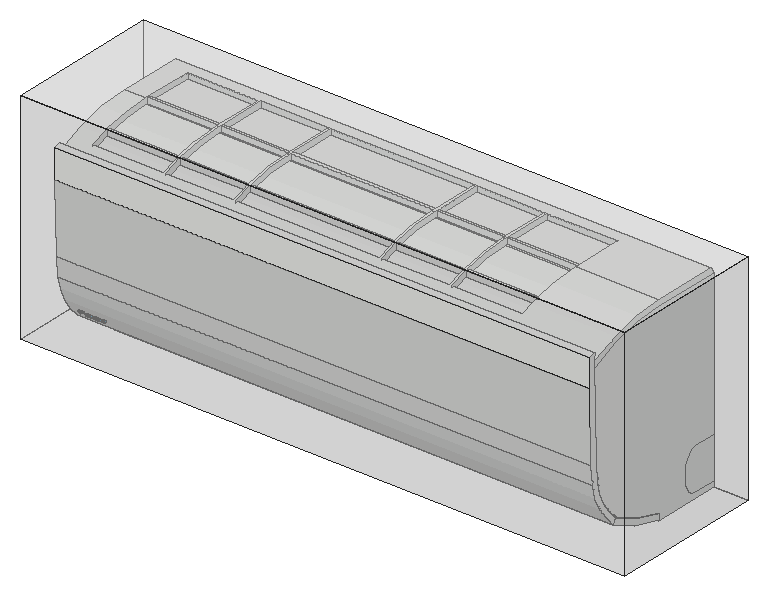
Revit family "outputfile", category 機械設備, Revit 2024 (continued)
Definition of nested family "DAIKIN_indoorunit_CTXM-RVMV"
  Automatic sketch dimensions
    Extrusion 21 sketch curve to Extrusion 21 sketch curve = 74.426 mm
    Extrusion 21 sketch curve to Extrusion 21 sketch curve = 0.483 mm
    Extrusion 21 sketch curve to Extrusion 21 sketch curve = 4.137 mm
    Extrusion 21 sketch curve to Extrusion 21 sketch curve = 31.393 mm
    Extrusion 21 sketch curve to Extrusion 21 sketch curve = 9.215 mm
    Extrusion 21 sketch curve to level = 8.0 mm
    Extrusion 22 sketch curve to plane 1 "Center (Front/Back)" = 0.0 mm
    Extrusion 22 sketch curve to Extrusion 22 sketch curve = 20.0 mm  (x2)
    Extrusion 22 sketch curve to level = 287.035 mm
    Extrusion 23 sketch curve to plane 1 "Center (Front/Back)" = 0.0 mm
    Extrusion 23 sketch curve to Extrusion 23 sketch curve = 20.0 mm  (x2)
    Extrusion 23 sketch curve to level = 287.035 mm
    plane 1 "Center (Front/Back)" to Extrusion 24 sketch curve = 0.0 mm  (x2)
    plane 3 "Center (Left/Right)" to Extrusion 24 sketch curve = 469.0 mm
    Extrusion 24 sketch curve to Extrusion 24 sketch curve = 20.0 mm  (x4)
    Extrusion 24 sketch curve to plane 3 "Center (Left/Right)" = 409.0 mm
  Nested families
    nested 1: "daikin_logo_plane_w40" at (-320, -198.871, -233.244) x (1, 0, 0) z (0, -0.7841, -0.6206), visible <- "switch_unit1_25-35", type "daikin_logo_plane_w40"
      with show_logo yes
    nested 2: "daikin_logo_plane_w40" at (-430, -237.74, -233.244) x (1, 0, 0) z (0, -0.7841, -0.6206), visible <- "switch_unit1_50-71", type "daikin_logo_plane_w40"
      with show_logo yes
  Definition of nested family "daikin_logo_plane_w40"
    Parameters (values of type "daikin_logo_plane_w40")
      width = 40.0 mm
      show_logo [instance] = yes
      material = none
      height = 0.0 mm
      depth = 0.0 mm
      Default Elevation = 1219.2 mm
    Reference planes
      plane 1 "Center (Front/Back)": y = 0
      plane 2: z = 0
      plane 3 "Center (Left/Right)": x = 0
      plane 4: z = 2
      plane 5 "left": x = -19
      plane 6: x = 19
    Forms (mm)
      Extrusion 1, solid, visible <- "show_logo"
        sketch origin (-19, 0, 0) x (1, 0, 0) y (0, 1, 0)
          loop
            line (8.902, -1.878) -> (7.789, -6.332) -> (11.13, -6.332)
            arc (11.13, -6.332) -> (12.454, -6.064) -> (13.472, -5.176) r 2.642
            arc (13.472, -5.176) -> (13.92, -4.02) -> (13.767, -2.79) r 2.537
            arc (13.767, -2.79) -> (13.452, -2.342) -> (12.982, -2.06) r 1.321
            arc (12.982, -2.06) -> (12.063, -1.902) -> (11.13, -1.878) r 6.479
            line (11.13, -1.878) -> (8.902, -1.878)
          loop
            line (10.016, -5.441) -> (10.907, -5.441)
            arc (10.907, -5.441) -> (11.591, -4.983) -> (11.988, -4.261) r 1.742
            spline (11.988, -4.261) -> (12.01, -4.155) -> (12.027, -4.03) -> (12.037, -3.893) -> (12.037, -3.747) -> (12.026, -3.598) -> (12.002, -3.451) -> (11.962, -3.31) -> (11.905, -3.181) -> (11.829, -3.069) -> (11.731, -2.978) -> (11.61, -2.913) -> (11.464, -2.88)
            line (11.464, -2.88) -> (10.573, -2.88) -> (10.016, -5.441)
          loop
            line (13.58, -6.332) -> (14.805, -6.332) -> (15.223, -5.553) -> (16.977, -5.553) -> (17.144, -6.332) -> (19.149, -6.332) -> (18.258, -1.878) -> (16.03, -1.878) -> (13.58, -6.332)
          loop
            line (16.476, -3.214) -> (15.76, -4.551) -> (16.762, -4.551) -> (16.476, -3.214)
          loop
            line (19.705, -6.332) -> (21.599, -6.332) -> (22.712, -1.878) -> (20.819, -1.878) -> (19.705, -6.332)
          loop
            line (22.712, -6.332) -> (24.606, -6.332) -> (24.908, -5.122) -> (25.831, -6.332) -> (28.17, -6.332) -> (26.388, -3.994) -> (28.949, -1.878) -> (26.945, -1.878) -> (25.401, -3.153) -> (25.719, -1.878) -> (23.826, -1.878) -> (22.712, -6.332)
          loop
            line (29.84, -1.878) -> (28.615, -6.332) -> (30.62, -6.332) -> (31.734, -1.878) -> (29.84, -1.878)
          loop
            line (31.734, -6.332) -> (33.07, -6.332) -> (33.7, -3.814) -> (34.518, -6.332) -> (36.745, -6.332) -> (37.859, -1.878) -> (36.523, -1.878) -> (35.845, -4.589) -> (34.963, -1.878) -> (32.847, -1.878) -> (31.734, -6.332)
        from 0 to 2
      Extrusion 2, solid, visible <- "show_logo"
        sketch origin (-19, 0, 0) x (1, 0, 0) y (0, 1, 0)
          loop
            line (8.7, 0) -> (4.235, 0) -> (0, -3.879) -> (0, -8) -> (8.7, 0)
        from 0 to 2
      Extrusion 3, solid, visible <- "show_logo"
        sketch origin (-19, 0, 0) x (1, 0, 0) y (0, 1, 0)
          loop
            line (0, 0) -> (0, -3.879) -> (4.235, 0) -> (0, 0)
        from 0 to 2
    Dimensions and locks
      plane 4 to plane 2 = 2.0 mm
      equal spacing: plane 5 "left", plane 3 "Center (Left/Right)", plane 6
      locked: plane 5 "left" to plane 6 at 38
      aligned and locked: level to plane 2
      aligned and locked: Extrusion 3 to plane 1 "Center (Front/Back)"  (x2)
      aligned and locked: Extrusion 2 to plane 1 "Center (Front/Back)"  (x2)
      aligned and locked: plane 4 to Extrusion 1
      aligned and locked: plane 4 to Extrusion 3
      aligned and locked: plane 4 to Extrusion 2
      aligned and locked: Extrusion 3 to plane 5 "left"
      aligned and locked: Extrusion 2 to plane 5 "left"
    Automatic sketch dimensions
      Extrusion 1 sketch curve to Extrusion 1 sketch curve = 0.901 mm
      Extrusion 1 sketch curve to Extrusion 1 sketch curve = 1.559 mm
      Extrusion 1 sketch curve to Extrusion 1 sketch curve = 1.327 mm
      Extrusion 1 sketch curve to Extrusion 1 sketch curve = 2.145 mm
      Extrusion 1 sketch curve to Extrusion 1 sketch curve = 1.448 mm
      Extrusion 1 sketch curve to Extrusion 1 sketch curve = 2.116 mm
      Extrusion 1 sketch curve to Extrusion 1 sketch curve = 1.114 mm  (x4)
      Extrusion 1 sketch curve to Extrusion 1 sketch curve = 1.336 mm  (x2)
      plane 1 "Center (Front/Back)" to Extrusion 1 sketch curve = 1.878 mm  (x5)
      Extrusion 1 sketch curve to Extrusion 1 sketch curve = 1.893 mm  (x5)
      Extrusion 1 sketch curve to Extrusion 1 sketch curve = 0.891 mm  (x4)
      Extrusion 1 sketch curve to Extrusion 1 sketch curve = 2.005 mm  (x3)
      Extrusion 1 sketch curve to Extrusion 1 sketch curve = 0.445 mm  (x2)
      plane 1 "Center (Front/Back)" to Extrusion 1 sketch curve = 3.994 mm
      Extrusion 1 sketch curve to Extrusion 1 sketch curve = 0.557 mm  (x2)
      Extrusion 1 sketch curve to Extrusion 1 sketch curve = 2.339 mm  (x2)
      Extrusion 1 sketch curve to Extrusion 1 sketch curve = 1.225 mm  (x3)
      plane 1 "Center (Front/Back)" to Extrusion 1 sketch curve = 3.153 mm
      Extrusion 1 sketch curve to Extrusion 1 sketch curve = 0.987 mm
      plane 1 "Center (Front/Back)" to Extrusion 1 sketch curve = 5.122 mm
      Extrusion 1 sketch curve to Extrusion 1 sketch curve = 0.922 mm
      plane 1 "Center (Front/Back)" to Extrusion 1 sketch curve = 6.332 mm
      Extrusion 1 sketch curve to Extrusion 1 sketch curve = 2.562 mm
      plane 1 "Center (Front/Back)" to Extrusion 1 sketch curve = 5.553 mm
      Extrusion 1 sketch curve to Extrusion 1 sketch curve = 0.167 mm
      Extrusion 1 sketch curve to Extrusion 1 sketch curve = 0.215 mm
      plane 1 "Center (Front/Back)" to Extrusion 1 sketch curve = 3.214 mm
      Extrusion 1 sketch curve to Extrusion 1 sketch curve = 0.286 mm
      plane 1 "Center (Front/Back)" to Extrusion 1 sketch curve = 4.551 mm
      Extrusion 1 sketch curve to Extrusion 1 sketch curve = 1.002 mm
      Extrusion 1 sketch curve to Extrusion 1 sketch curve = 0.537 mm
      Extrusion 1 sketch curve to Extrusion 1 sketch curve = 0.418 mm
      Extrusion 1 sketch curve to Extrusion 1 sketch curve = 1.028 mm
      plane 1 "Center (Front/Back)" to Extrusion 1 sketch curve = 4.261 mm
      Extrusion 1 sketch curve to Extrusion 1 sketch curve = 0.563 mm
      plane 1 "Center (Front/Back)" to Extrusion 1 sketch curve = 2.88 mm
      Extrusion 1 sketch curve to Extrusion 1 sketch curve = 1.088 mm
      Extrusion 1 sketch curve to Extrusion 1 sketch curve = 2.152 mm
      Extrusion 1 sketch curve to Extrusion 1 sketch curve = 0.586 mm
      Extrusion 1 sketch curve to Extrusion 1 sketch curve = 0.118 mm
      Extrusion 1 sketch curve to Extrusion 1 sketch curve = 0.298 mm
      Extrusion 1 sketch curve to Extrusion 1 sketch curve = 0.334 mm
      Extrusion 1 sketch curve to Extrusion 1 sketch curve = 0.223 mm
      Extrusion 1 sketch curve to Extrusion 1 sketch curve = 0.266 mm
      Extrusion 1 sketch curve to Extrusion 1 sketch curve = 1.671 mm
      Extrusion 1 sketch curve to Extrusion 1 sketch curve = 2.227 mm
      Extrusion 1 sketch curve to Extrusion 1 sketch curve = 0.0 mm  (x7)
      Extrusion 1 sketch curve to Extrusion 1 sketch curve = 3.453 mm
      Extrusion 1 sketch curve to Extrusion 1 sketch curve = 2.017 mm
      Extrusion 1 sketch curve to Extrusion 1 sketch curve = 0.78 mm  (x2)
      Extrusion 1 sketch curve to Extrusion 1 sketch curve = 1.743 mm
      Extrusion 1 sketch curve to Extrusion 1 sketch curve = 0.775 mm
      Extrusion 1 sketch curve to Extrusion 1 sketch curve = 0.552 mm
      Extrusion 1 sketch curve to Extrusion 1 sketch curve = 0.014 mm
      Extrusion 1 sketch curve to Extrusion 1 sketch curve = 0.952 mm
      Extrusion 1 sketch curve to Extrusion 1 sketch curve = 1.215 mm
      Extrusion 1 sketch curve to Extrusion 1 sketch curve = 0.108 mm
      plane 1 "Center (Front/Back)" to Extrusion 2 sketch curve = 0.0 mm
      Extrusion 2 sketch curve to plane 3 "Center (Left/Right)" = 19.0 mm
      Extrusion 2 sketch curve to plane 3 "Center (Left/Right)" = 14.765 mm
      Extrusion 2 sketch curve to Extrusion 2 sketch curve = 4.465 mm
      plane 1 "Center (Front/Back)" to Extrusion 2 sketch curve = 3.879 mm
      Extrusion 2 sketch curve to Extrusion 2 sketch curve = 4.12 mm
      plane 1 "Center (Front/Back)" to Extrusion 3 sketch curve = 0.0 mm
      Extrusion 3 sketch curve to plane 3 "Center (Left/Right)" = 19.0 mm
      Extrusion 3 sketch curve to plane 3 "Center (Left/Right)" = 14.765 mm
      plane 1 "Center (Front/Back)" to Extrusion 3 sketch curve = 3.879 mm
      Extrusion 1 sketch curve to plane 3 "Center (Left/Right)" = 11.211 mm
      Extrusion 1 sketch curve to Extrusion 1 sketch curve = 1.782 mm
Definition of nested family "daikin_connector_rotate3"
  Parameters (values of type "daikin_connector_rotate3")
    show [instance] = yes
    radius [instance] = 10.0 mm
    length [instance] = 600.0 mm
    angle_horizontal [instance] = 60.00°
    angle_vertical [instance] = 90.00°
    Default Elevation = 1219.2 mm
  Reference planes
    plane 1 "Center (Front/Back)": y = 0
    plane 2: z = 0
    plane 3 "Center (Left/Right)": x = 0
  Dimensions and locks
    "angle_horizontal": angle plane 3 "Center (Left/Right)" to nested 1
    aligned and locked: level to plane 2
    aligned and locked: plane 1 "Center (Front/Back)" to nested 1  (x2)
    aligned and locked: plane 3 "Center (Left/Right)" to nested 1
  Nested families
    nested 1: "daikin_connector_rotate2" at (0, 0, 0) x (0.5, 0.866, 0) z (0, 0, 1), angle_vertical <- "angle_vertical", length <- "length", radius <- "radius", type "daikin_connector_rotate2"
      with radius 10.0 mm, length 600.0 mm, angle_vertical 90.00°
  Definition of nested family "daikin_connector_rotate2"
    Parameters (values of type "daikin_connector_rotate2")
      show_face = yes
      radius [instance] = 10.0 mm
      length [instance] = 600.0 mm
      d_surface = 10.0 mm
      angle_vertical [instance] = 90.00°
      Default Elevation = 0.0 mm
    Reference planes
      plane 1 "Center (Front/Back)": y = 0
      plane 2: z = 0
      plane 3 "Center (Left/Right)": x = 0
    Forms (mm)
      Extrusion 1, solid, visible <- "show_face"
        sketch origin (0, -600, 0) x (1, 0, 0) y (0, 0, 1)
          loop
            circle (0, 0) r 10
        from 0 to -10
    Lines and regions (mm)
      reference lines
        curve 1: line (0, 0, 0) -> (0, -600, 0)
      symbolic lines
        curve 2: circle (0, 0, 0) r 5 normal (0, 0, 1)
      model lines, visible <- "show_face"
        curve 3: line (0, 0, 0) -> (0, -600, 0)
    Dimensions and locks
      "length": curve 1 to curve 1
      "length": curve 3 to curve 3
      "d_surface": Extrusion 1 to Extrusion 1
      "radius": radius of Extrusion 1 sketch curve
      "angle_vertical": angle curve 1 to plane 1 "Center (Front/Back)"
      "angle_vertical": angle curve 3 to plane 1 "Center (Front/Back)"
      aligned and locked: level to plane 2
      aligned and locked: plane 1 "Center (Front/Back)" to curve 1
      aligned and locked: plane 2 to curve 1
      aligned and locked: plane 1 "Center (Front/Back)" to curve 2
      aligned and locked: plane 3 "Center (Left/Right)" to curve 2
      aligned and locked: plane 1 "Center (Front/Back)" to curve 3
      aligned and locked: plane 2 to curve 3
      aligned and locked: Extrusion 1 to Extrusion 1
    Automatic sketch dimensions
      Extrusion 1 sketch curve to level = 0.0 mm
      Extrusion 1 sketch curve to plane 3 "Center (Left/Right)" = 0.0 mm
      radius of curve 2 = 5.0 mm
